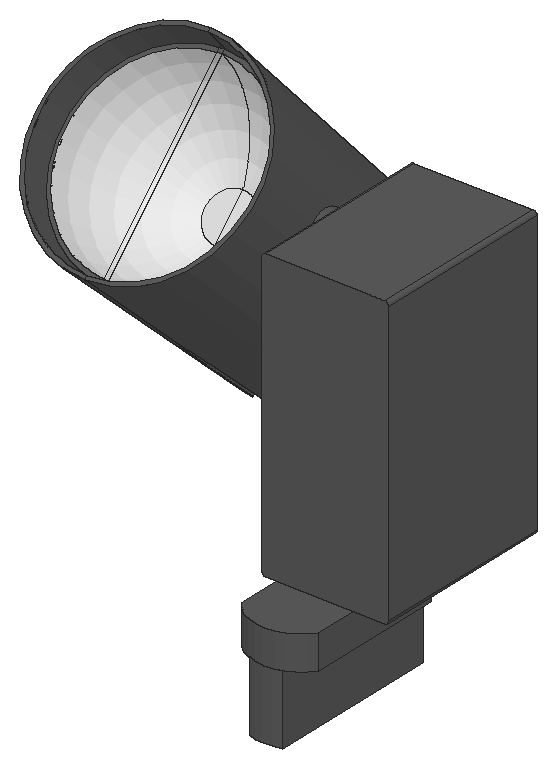
Revit family "0004898 Feilo Sylvania Lighting Fixture START TRACK SPOT S 24W 4K RA90 NB BLACK", category Lighting Fixtures, host Face, Revit 2017 (continued)
Definition of nested family "Start Track Spot Head"
  Types (96, lengths in mm): name | Wattage | built-in parameter 1150134 | Photometric Web File | Model | built-in parameter 1150105 | Lumens | built-in parameter 1150107 | built-in parameter 1150106 | HeadThickness_FEILO | HeadRibOffset_FEILO | HeadRibDepth_FEILO | HeadRibCutWidth_FEILO | HeadRibCutOffset_FEILO | HeadReflectorRadius_FEILO | HeadReflectorOffset_FEILO | HeadLEDRadius_FEILO | HeadHeight_FEILO | HeadDiffusorOffset_FEILO | HeadDiaOut_FEILO | HeadDiaIn_FEILO | HeadAxisFromTop_FEILO | Emit from Circle Diameter | built-in parameter 1150104 | Description | Apparent Load
    0004812 START TRACK SPOT S 14W 3K RA80 MB WHITE | 14 W | (empty or 0) | "0004812.ies" | "START TRACK SPOT S 14W 3K RA80 MB WHITE" | 120.32 (stored number, unit not read) | 1512 lm | 3000 (stored number, unit not read) | 1.2032 (stored number, unit not read) | 1.5 | 4.179 | 55.714 | 7.167 | 50.87 | 50.588 | 55.714 | 9.556 | 117 | 9.435 | 86 | 77.477 | 69.354 | 77.477 | 10.034 (stored number, unit not read) | "Integrated LED spotlight, Textured White - RAL9016, compact and minimalist design, ideal for retail applications, die-cast aluminium body, passive cooling heatsink. Beam angle: 36°, color temperature: 3000K , total system power: 14W, total fixture output: 1508 lm, LOR: 100%, colour rendering: Ra: 80 typical, LED Chromaticity: 3 step MacAdam ellipse, lifetime: >50000 hours at L70B50, energy class: A++, A+, A, IR/UV free light source without heat radiation, operating voltage: 220-240V / 50-60Hz, drive current: 350mA, electronic driver, non-dimmable, power factor: 0.92, electrical protection: Class II, Global Track 3 Phase adapter suitable for Global trac 3-circuit tracks, ingress protection rating: IP20, suitable for internal environment only, horizontal rotation: 355°, vertical tilt: 90°, dimensions: Ø86x140x200, weight: 0.940kg." | 14 VA
    0004811 START TRACK SPOT S 14W 3K RA80 NB WHITE | 14 W | (empty or 0) | "0004811.ies" | "START TRACK SPOT S 14W 3K RA80 NB WHITE" | 123.66 (stored number, unit not read) | 1554 lm | 3000 (stored number, unit not read) | 1.2366 (stored number, unit not read) | 1.5 | 4.179 | 55.714 | 7.167 | 50.87 | 50.588 | 55.714 | 9.556 | 117 | 9.435 | 86 | 77.477 | 69.354 | 77.477 | 10.312 (stored number, unit not read) | "Integrated LED spotlight, Textured White - RAL9016, compact and minimalist design, ideal for retail applications, die-cast aluminium body, passive cooling heatsink. Beam angle: 12°, color temperature: 3000K , total system power: 14W, total fixture output: 1551 lm, LOR: 100%, colour rendering: Ra: 80 typical, LED Chromaticity: 3 step MacAdam ellipse, lifetime: >50000 hours at L70B50, energy class: A++, A+, A, IR/UV free light source without heat radiation, operating voltage: 220-240V / 50-60Hz, drive current: 350mA, electronic driver, non-dimmable, power factor: 0.92, electrical protection: Class II, Global Track 3 Phase adapter suitable for Global trac 3-circuit tracks, ingress protection rating: IP20, suitable for internal environment only, horizontal rotation: 355°, vertical tilt: 90°, dimensions: Ø86x140x200, weight: 0.940kg." | 14 VA
  Reference planes
    plane 1 "Center (Front/Back)": y = 0
    plane 2: z = 0
    plane 3 "Center (Left/Right)": x = 0
    plane 4: x = 43
    plane 5: x = -43
    plane 6: x = -38.739
    plane 7: x = 38.739
    plane 8: z = 69.354
    plane 9: z = -47.646
    plane 10: x = -41.5
    plane 11: x = -37.239
    plane 12: z = -38.211
    plane 13: z = -35.211
    plane 14: z = 8.068
    plane 15: x = -9.556
    plane 16: x = -28.667
    plane 17: x = -19.111
    plane 18: x = -27.167
    plane 19: x = -17.611
    plane 20: x = -8.056
    plane 21: z = 13.64
    plane 22: x = -29.667
    plane 23: x = -26.167
    plane 24: x = -20.111
    plane 25: x = -16.611
    plane 26: x = -10.556
    plane 27: x = -7.056
    plane 28: x = -36.239
    plane 29: x = -40.5
    plane 30: z = 65.175
    plane 31: z = 60.997
    plane 32: z = 56.818
    plane 33: z = 18.484
    plane 34: y = -43
    plane 35: y = 43
    plane 36: y = 3.583
    plane 37: y = -3.583
    plane 38: y = -2.583
    plane 39: y = 2.583
    plane 40: y = 46
    plane 41: z = 13.5
    plane 42: z = -13.5
    plane 43: y = 39
    plane 44: x = 4.708
    plane 45: x = -2.458
    plane 46: x = -1.458
    plane 47: x = 1.458
  Forms (mm)
    Extrusion 1, solid
      sketch origin (4.2, 0, 0) x (1, 0, 0) y (0, 1, 0)
        loop
          line (-1219.2, 1219.2) -> (-1219.2, -1219.2) -> (1219.2, -1219.2) -> (1219.2, 1219.2) -> (-1219.2, 1219.2)
      from 0 to -68.017
    Revolve 2, solid, material <- "Material_1_FEILO", detail levels medium+fine
      sketch origin (0, 0, 0) x (1, 0, 0) y (0, 0, 1)
        loop
          line (-43, -47.646) -> (-41.5, -47.646) -> (-40.5, -35.211) -> (-38.739, -35.211)
          arc (-38.739, -35.211) -> (-30.16, -9.517) -> (-9.556, 8.068) r 50.588
          line (-9.556, 8.068) -> (0, 8.068) -> (0, 13.64) -> (-16.611, 13.64) -> (-17.611, 60.997) -> (-19.111, 60.997) -> (-20.111, 13.64) -> (-36.239, 13.64) -> (-37.239, 69.354) -> (-38.739, 69.354) -> (-43, -47.646)
        axis (0, 69.354) -> (0, -47.646)
      angle from 360 to 0
    Extrusion 3, void
      sketch origin (0, 0, 0) x (0, 1, 0) y (0, 0, 1)
        loop
          line (-3.583, 69.354) -> (-2.583, 18.484) -> (1.932, 18.484) -> (2.932, 69.354) -> (-3.583, 69.354)
      from 43 to -43
    Revolve 4, solid, material <- "Material_2_FEILO", detail levels medium+fine
      sketch origin (0, 0, 0) x (1, 0, 0) y (0, 0, 1)
        loop
          line (-41.5, -38.211) -> (0, -38.211) -> (0, -35.211) -> (-41.5, -35.211) -> (-41.5, -38.211)
        axis (0, -35.211) -> (0, -38.211)
      angle from 360 to 0
    Revolve 5, solid, material <- "Material_1_FEILO"
      sketch origin (0, 0, 0) x (0, 1, 0) y (0, 0, 1)
        loop
          line (46, 0) -> (39, 0) -> (39, -13.5) -> (46, -13.5) -> (46, 0)
        axis (39, 0) -> (46, 0)
      angle from 360 to 0
    Revolve 6, solid, material <- "Material_1_FEILO", detail levels medium+fine
      sketch origin (0, 0, 0) x (1, 0, 0) y (0, 0, 1)
        loop
          line (-29.667, 13.64) -> (-26.167, 13.64) -> (-27.167, 65.175) -> (-28.667, 65.175) -> (-29.667, 13.64)
        loop
          line (-10.556, 13.64) -> (-7.056, 13.64) -> (-7.833, 56.818) -> (-9.778, 56.818) -> (-10.556, 13.64)
        axis (0, 65.175) -> (0, 13.64)
      angle from 360 to 0
    Extrusion 7, void
      sketch origin (0, 0, 0) x (1, 0, 0) y (0, 0, 1)
        loop
          line (4.708, 69.354) -> (-2.458, 69.354) -> (-1.458, 13.64) -> (1.458, 13.64) -> (4.708, 69.354)
      from -43 to 43
    Revolve 8, solid, material <- "Material_1_FEILO", detail levels coarse
      sketch origin (0, 0, 0) x (1, 0, 0) y (0, 0, 1)
        loop
          line (0, 69.354) -> (-38.739, 69.354) -> (-43, -47.646) -> (-41.5, -47.646) -> (-40.731, -38.211) -> (0, -38.211) -> (0, 69.354)
        axis (0, 69.354) -> (0, -47.646)
      angle from 360 to 0
  Cuts and joins
    Extrusion 3 cuts Revolve 2
    Extrusion 7 cuts Revolve 6
  Dimensions and locks
    equal spacing: plane 7, plane 3 "Center (Left/Right)", plane 6
    equal spacing: plane 4, plane 3 "Center (Left/Right)", plane 5
    "HeadDiaOut_FEILO": plane 4 to plane 5
    "HeadDiaIn_FEILO": plane 7 to plane 6
    "HeadHeight_FEILO": plane 8 to plane 9
    "HeadThickness_FEILO": plane 10 to plane 5
    "HeadThickness_FEILO": plane 11 to plane 6
    "HeadDiffusorOffset_FEILO": plane 12 to plane 9
    "HeadDiffusorThickness_FEILO": plane 13 to plane 12
    "HeadReflectorOffset_FEILO": plane 14 to plane 9
    "HeadLEDRadius_FEILO": plane 3 "Center (Left/Right)" to plane 15
    "HeadLEDRadius_FEILO": plane 15 to plane 17
    "HeadLEDRadius_FEILO": plane 17 to plane 16
    "HeadThickness_FEILO": plane 18 to plane 16
    "HeadThickness_FEILO": plane 19 to plane 17
    "HeadThickness_FEILO": plane 20 to plane 15
    "HeadRibDepth_FEILO": plane 8 to plane 21
    "HeadDraft_FEILO": plane 16 to plane 22
    "HeadDraft_FEILO": plane 23 to plane 18
    "HeadDraft_FEILO": plane 17 to plane 24
    "HeadDraft_FEILO": plane 25 to plane 19
    "HeadDraft_FEILO": plane 15 to plane 26
    "HeadDraft_FEILO": plane 27 to plane 20
    "HeadDraft_FEILO": plane 29 to plane 10
    "HeadDraft_FEILO": plane 28 to plane 11
    "HeadRibOffset_FEILO": plane 8 to plane 30
    "HeadRibOffset_FEILO": plane 30 to plane 31
    "HeadRibOffset_FEILO": plane 31 to plane 32
    "HeadAxisFromTop_FEILO": plane 8 to plane 2
    "HeadRibCutOffset_FEILO": plane 8 to plane 33
    equal spacing: plane 34, plane 1 "Center (Front/Back)", plane 35
    "HeadDiaOut_FEILO": plane 34 to plane 35
    equal spacing: plane 38, plane 1 "Center (Front/Back)", plane 39
    equal spacing: plane 37, plane 1 "Center (Front/Back)", plane 36
    "HeadRibCutWidth_FEILO": plane 37 to plane 36
    "HeadDraft_FEILO": plane 37 to plane 38
    locked: plane 35 to plane 40 at 3
    equal spacing: plane 41, plane 2, plane 42
    locked: plane 42 to plane 41 at 27
    locked: plane 43 to plane 35 at 4
    equal spacing: plane 45, imposter light, plane 44
    "HeadDraft_FEILO": plane 46 to plane 45
    "HeadRibCutWidth_FEILO": plane 44 to plane 45
    equal spacing: plane 47, plane 3 "Center (Left/Right)", plane 46
    "HeadReflectorRadius_FEILO": radius of Revolve 2 sketch curve
    aligned and locked: plane 2 to Extrusion 1
    aligned and locked: level to Extrusion 1
    aligned and locked: Revolve 2 sketch curve to plane 3 "Center (Left/Right)"  (x2)
    aligned and locked: plane 9 to Revolve 2 sketch curve  (x2)
    aligned and locked: plane 5 to Revolve 2 sketch curve
    aligned and locked: plane 10 to Revolve 2 sketch curve
    aligned and locked: plane 14 to Revolve 2 sketch curve
    aligned and locked: plane 8 to Revolve 2 sketch curve
    aligned and locked: Revolve 2 sketch curve to plane 13
    aligned and locked: plane 12 to Revolve 4 sketch curve
    aligned and locked: plane 3 "Center (Left/Right)" to Revolve 4 sketch curve
    aligned and locked: Revolve 4 sketch curve to plane 10
    aligned and locked: Revolve 4 sketch curve to plane 3 "Center (Left/Right)"
    aligned and locked: plane 12 to imposter light
    aligned and locked: imposter light to plane 1 "Center (Front/Back)"
    aligned and locked: Revolve 5 sketch curve to plane 2
    aligned and locked: plane 43 to Revolve 5 sketch curve
    aligned and locked: plane 42 to Revolve 5 sketch curve
    aligned and locked: Revolve 6 sketch curve to plane 3 "Center (Left/Right)"
    aligned and locked: plane 22 to Revolve 6 sketch curve
    aligned and locked: plane 30 to Revolve 6 sketch curve
    aligned and locked: plane 23 to Revolve 6 sketch curve
    aligned and locked: Revolve 6 sketch curve to plane 21  (x2)
    aligned and locked: plane 21 to Revolve 6 sketch curve
    aligned and locked: plane 17 to Revolve 2 sketch curve
    aligned and locked: plane 19 to Revolve 2 sketch curve
    aligned and locked: plane 31 to Revolve 2 sketch curve
    aligned and locked: plane 21 to Revolve 2 sketch curve
    aligned and locked: Extrusion 3 to plane 8
    aligned and locked: plane 33 to Extrusion 3
    aligned and locked: plane 8 to Extrusion 3 sketch curve
    aligned and locked: Extrusion 3 sketch curve to plane 33
    aligned and locked: Extrusion 3 to plane 5
    aligned and locked: plane 4 to Extrusion 3
    aligned and locked: plane 32 to Revolve 6 sketch curve
    aligned and locked: plane 44 to Extrusion 7 sketch curve
    aligned and locked: Extrusion 7 sketch curve to plane 8
    aligned and locked: plane 46 to Extrusion 7 sketch curve
    aligned and locked: plane 21 to Extrusion 7 sketch curve
    aligned and locked: plane 34 to Extrusion 7
    aligned and locked: Extrusion 7 to plane 35
    aligned and locked: Revolve 4 sketch curve to plane 13
    aligned and locked: Revolve 5 sketch curve to plane 40
    aligned and locked: Revolve 8 sketch curve to plane 3 "Center (Left/Right)"
    aligned and locked: Revolve 8 sketch curve to cut or joined group of Revolve 2, Extrusion 3  (x3)
    aligned and locked: plane 5 to Revolve 8 sketch curve
    aligned and locked: plane 3 "Center (Left/Right)" to Revolve 8 sketch curve
    aligned and locked: plane 12 to Revolve 8 sketch curve
  Automatic sketch dimensions
    Extrusion 1 sketch curve to Extrusion 1 sketch curve = 2438.4 mm  (x2)
    Extrusion 3 sketch curve to plane 37 = 0 mm
    Extrusion 3 sketch curve to plane 38 = 0 mm
    plane 39 to Extrusion 3 sketch curve = 0.651 mm
    Extrusion 3 sketch curve to plane 39 = 0.349 mm
    Revolve 6 sketch curve to plane 16 = 0 mm
    Revolve 6 sketch curve to plane 18 = 0 mm
    Revolve 6 sketch curve to plane 26 = 0 mm
    Revolve 6 sketch curve to plane 27 = 0 mm
    Revolve 6 sketch curve to plane 15 = 0.222 mm
    plane 9 to Revolve 6 sketch curve = 559.103 mm
    Revolve 6 sketch curve to plane 8 = 2535.555 mm
    plane 20 to Revolve 6 sketch curve = 0.222 mm
    Revolve 2 sketch curve to plane 29 = 0 mm
    Revolve 2 sketch curve to plane 6 = 0 mm  (x2)
    Revolve 2 sketch curve to plane 11 = 0 mm
    Revolve 2 sketch curve to plane 21 = 0 mm
    Revolve 2 sketch curve to plane 28 = 0 mm
    Revolve 2 sketch curve to plane 24 = 0 mm
    Revolve 2 sketch curve to plane 25 = 0 mm
    Revolve 2 sketch curve to plane 15 = 0 mm
    Revolve 2 sketch curve to Revolve 2 sketch curve = 557.155 mm
    Revolve 2 sketch curve to plane 8 = 2535.558 mm
    Extrusion 7 sketch curve to plane 45 = 0 mm
    Extrusion 7 sketch curve to plane 47 = 0 mm
    plane 9 to Revolve 4 sketch curve = 559.103 mm
    Revolve 4 sketch curve to plane 8 = 2535.555 mm
    Revolve 5 sketch curve to level = 0 mm
    plane 34 to Revolve 5 sketch curve = 1968.092 mm
    Revolve 5 sketch curve to plane 40 = 1405.763 mm
    Revolve 8 sketch curve to plane 6 = 0 mm
    Revolve 8 sketch curve to plane 29 = 0.231 mm
    plane 9 to Revolve 8 sketch curve = 559.103 mm
    Revolve 8 sketch curve to Revolve 8 sketch curve = 2535.555 mm
Definition of nested family "Start Track Spot Box"
  Parameters (values of type "Type Large White")
    URL = "http://www.feilosylvania.com"
    Type Image = (empty or 0)
    Type Comments = "n/a"
    Small_FEILO = no
    Material_3_FEILO = none
    Model = ""
    Manufacturer = "Feilo Sylvania"
    Keynote = ""
    Material_2_FEILO = none
    Description = ""
    Default Elevation = 1219.2 mm
    Cost = 0
    Material_1_FEILO = none
    BoxWidth_FEILO = 49 mm
    BoxStartAngle_FEILO [instance] = 0.00°
    BoxRadius_FEILO = 1.5 mm
    BoxHeight_FEILO = if(Small_FEILO, 112 mm, 136 mm)  # 136 mm
    BoxEndAngle_FEILO [instance] = BoxStartAngle_FEILO - 180.00°  # -180.00°
    BoxDepth_FEILO = if(Small_FEILO, 71.5 mm, 79 mm)  # 79 mm
    BoxAxisVerticalOffset_FEILO = 16 mm
    BoxAxisOffset_FEILO = BoxHeight_FEILO / 6.8  # 20 mm
    Assembly Code = ""
    Material_4_FEILO = none
  Types (4, lengths in mm): name | Small_FEILO | BoxHeight_FEILO | BoxDepth_FEILO | BoxAxisOffset_FEILO
    Type Large White | no | 136 | 79 | 20
    Type Small White | yes | 112 | 71.5 | 16.471
    Type Small Black | yes | 112 | 71.5 | 16.471
    Type Large Black | no | 136 | 79 | 20
  Reference planes
    plane 1 "Center (Front/Back)": y = 0
    plane 2: z = 0
    plane 3 "Center (Left/Right)": x = 0
    plane 4: x = 24.5
    plane 5: x = -24.5
    plane 6: y = 68
    plane 7: y = -68
    plane 8: z = 39.5
    plane 9: z = -39.5
    plane 10: y = -48
    plane 11: x = 30.5
    plane 12: x = 8.5
    plane 13: x = 21.5
    plane 14: y = 70
    plane 15: y = 72
    plane 16: x = 19.5
  Forms (mm)
    Extrusion 1, solid
      sketch origin (4.2, 0, 0) x (1, 0, 0) y (0, 1, 0)
        loop
          line (-1219.2, 1219.2) -> (-1219.2, -1219.2) -> (1219.2, -1219.2) -> (1219.2, 1219.2) -> (-1219.2, 1219.2)
      from 0 to -68.017
    Extrusion 2, solid, material <- "Material_1_FEILO"
      sketch origin (0, 0, 0) x (1, 0, 0) y (0, 1, 0)
        loop
          arc (-23, 68) -> (-24.061, 67.561) -> (-24.5, 66.5) r 1.5
          line (-24.5, 66.5) -> (-24.5, -66.5)
          arc (-24.5, -66.5) -> (-24.061, -67.561) -> (-23, -68) r 1.5
          line (-23, -68) -> (23, -68)
          arc (23, -68) -> (24.061, -67.561) -> (24.5, -66.5) r 1.5
          line (24.5, -66.5) -> (24.5, 66.5)
          arc (24.5, 66.5) -> (24.061, 67.561) -> (23, 68) r 1.5
          line (23, 68) -> (-23, 68)
      from -39.5 to 39.5
    Revolve 3, solid, not visible
      sketch origin (0, 0, 0) x (1, 0, 0) y (0, 1, 0)
        loop
          line (30.5, -48) -> (24.5, -48) -> (24.5, -68) -> (30.5, -68) -> (30.5, -48)
        axis (30.5, -48) -> (24.5, -48)
      angle from 0 <- "BoxStartAngle_FEILO" to -180 <- "BoxEndAngle_FEILO"
    Revolve 4, solid, material <- "Material_2_FEILO"
      sketch origin (0, 0, 0) x (1, 0, 0) y (0, 1, 0)
        loop
          line (8.5, 68) -> (19.5, 68) -> (19.5, 70) -> (21.5, 70) -> (21.5, 72) -> (8.5, 72) -> (8.5, 68)
        axis (8.5, 72) -> (8.5, 68)
      angle from 360 to 0
  Dimensions and locks
    equal spacing: plane 5, plane 3 "Center (Left/Right)", plane 4
    "BoxWidth_FEILO": plane 5 to plane 4
    equal spacing: plane 7, plane 1 "Center (Front/Back)", plane 6
    "BoxHeight_FEILO": plane 7 to plane 6
    equal spacing: plane 8, plane 2, plane 9
    "BoxDepth_FEILO": plane 8 to plane 9
    "BoxAxisOffset_FEILO": plane 7 to plane 10
    locked: plane 4 to plane 11 at 6
    "BoxAxisVerticalOffset_FEILO": plane 12 to plane 4
    locked: plane 12 to plane 13 at 13
    plane 6 to plane 14 to plane 15 = 2 mm locked, 2 mm locked
    locked: plane 12 to plane 16 at 11
    "BoxRadius_FEILO": radius of Extrusion 2 sketch curve  (x4)
    aligned and locked: plane 2 to Extrusion 1
    aligned and locked: level to Extrusion 1
    aligned and locked: plane 6 to Extrusion 2 sketch curve
    aligned and locked: plane 5 to Extrusion 2 sketch curve
    aligned and locked: Extrusion 2 sketch curve to plane 7
    aligned and locked: Extrusion 2 sketch curve to plane 4
    aligned and locked: Extrusion 2 to plane 8
    aligned and locked: plane 9 to Extrusion 2
    aligned and locked: Revolve 3 sketch curve to plane 10  (x2)
    aligned and locked: plane 11 to Revolve 3 sketch curve
    aligned and locked: Revolve 3 sketch curve to plane 4
    aligned and locked: plane 7 to Revolve 3 sketch curve
    aligned and locked: Revolve 4 sketch curve to plane 12
    aligned and locked: plane 6 to Revolve 4 sketch curve
    aligned and locked: plane 12 to Revolve 4 sketch curve
    aligned and locked: plane 15 to Revolve 4 sketch curve
    aligned and locked: Revolve 4 sketch curve to plane 13
    aligned and locked: Revolve 4 sketch curve to plane 14
    aligned and locked: Revolve 4 sketch curve to plane 16
    aligned and locked: Revolve 4 sketch curve to plane 6
  Automatic sketch dimensions
    Extrusion 1 sketch curve to Extrusion 1 sketch curve = 2438.4 mm  (x2)
    Revolve 3 sketch curve to plane 5 = 1499.5 mm
    plane 11 to Revolve 3 sketch curve = 1493.5 mm
    plane 15 to Revolve 4 sketch curve = 0 mm
    plane 7 to Revolve 4 sketch curve = 1456 mm
    Revolve 4 sketch curve to plane 15 = 1452 mm
